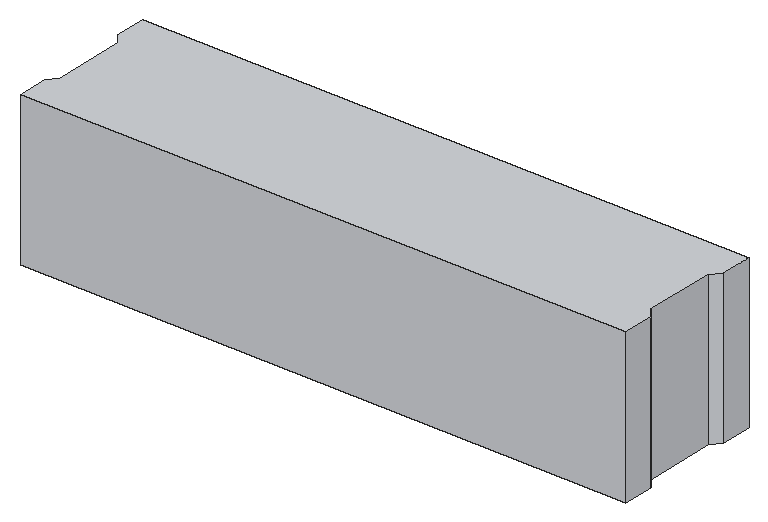
Revit family "ФБС", category Обобщенные модели, Revit 2016
Family settings
  Может служить основой для арматурных стержней = Нет
  На основе рабочей плоскости = Нет
  Всегда вертикально = Да
  При загрузке вырезать с полостями = Нет
  Общий = Нет
  Точка расчета площади = Нет
Parameters (values of type "ФБС 24.6.6")
  зазор = if(Зазор, 10 mm, 0 mm)  # 10 mm
  а = (B - 40 mm - 40 mm - c) / 2  # 120 mm
  Материал = none
  Изготовитель = "Серия 1.116.1-8"
  Зазор = yes
  c = if(B = 300 mm, 120 mm, if(B = 400 mm, 160 mm, if(B = 500 mm, 220 mm, if(B = 600 mm, 280 mm, B * 0.4))))  # 280 mm
  M = (B - c - 80 mm) / 2 + 40 mm  # 160 mm
  L = 2400 mm
  H = 600 mm
  B = 600 mm
Types (13, lengths in mm): name | а | c | M | L | B
  (no name) | 120 | 280 | 160 | 2400 | 600
  ФБС 9.3.6 | 50 | 120 | 90 | 900 | 300
  ФБС 12.3.6 | 50 | 120 | 90 | 1200 | 300
  ФБС 24.3.6 | 50 | 120 | 90 | 2400 | 300
  ФБС 9.4.6 | 80 | 160 | 120 | 900 | 400
  ФБС 12.4.6 | 80 | 160 | 120 | 1200 | 400
  ФБС 24.4.6 | 80 | 160 | 120 | 2400 | 400
  ФБС 9.5.6 | 100 | 220 | 140 | 900 | 500
  ФБС 12.5.6 | 100 | 220 | 140 | 1200 | 500
  ФБС 24.5.6 | 100 | 220 | 140 | 2400 | 500
  ФБС 9.6.6 | 120 | 280 | 160 | 900 | 600
  ФБС 12.6.6 | 120 | 280 | 160 | 1200 | 600
  ФБС 24.6.6 | 120 | 280 | 160 | 2400 | 600
Reference planes
  plane 1 "По центру (Вперед/Назад)": y = 0
  plane 2: z = 0
  plane 3 "По центру (Влево/Вправо)": x = 0
  plane 4: x = 2400
Forms (mm)
  Extrusion 1, solid, material <- "Материал"
    sketch origin (0, 0, 0) x (1, 0, 0) y (0, 1, 0)
      loop
        line (10, 0) -> (2390, 0) -> (2390, 120) -> (2360, 160) -> (2360, 440) -> (2390, 480) -> (2390, 600) -> (10, 600) -> (10, 480) -> (40, 440) -> (40, 160) -> (10, 120) -> (10, 0)
    from 0 to 600
Dimensions and locks
  "H": Extrusion 1 to level
  "L": plane 3 "По центру (Влево/Вправо)" to plane 4
  "зазор": Extrusion 1 sketch curve to plane 4  (x2)
  locked: Extrusion 1 sketch curve to Extrusion 1 sketch curve at 30  (x2)
  "зазор": plane 3 "По центру (Влево/Вправо)" to Extrusion 1 sketch curve  (x2)
  "B": plane 1 "По центру (Вперед/Назад)" to Extrusion 1 sketch curve
  "а": Extrusion 1 sketch curve to Extrusion 1 sketch curve  (x4)
  "c": Extrusion 1 sketch curve to Extrusion 1 sketch curve  (x2)
  "M": plane 1 "По центру (Вперед/Назад)" to Extrusion 1 sketch curve  (x2)
  aligned and locked: level to plane 2
Automatic sketch dimensions
  plane 1 "По центру (Вперед/Назад)" to Extrusion 1 sketch curve = 0 mm
